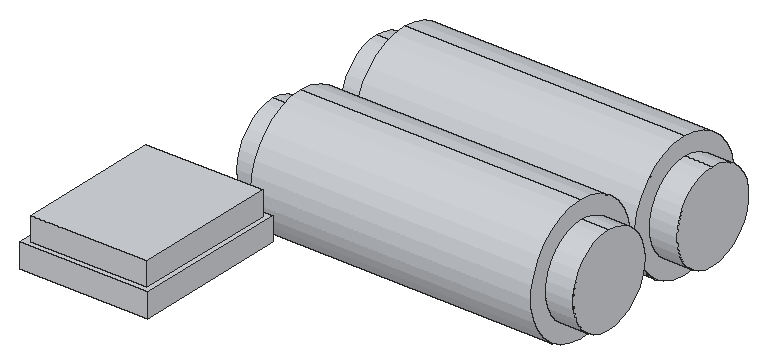
Revit family "SMART box 1  (supply-exhaust-controls)_2", category Příslušenství potrubí, Revit 2018
Family settings
  Kóta kulaté spojky = Použít průměr
  Typ dílu = Zalomí se do
  Číslo OmniClass = 23.75.00.00
  Nadpis OmniClass = Climate Control (HVAC)
  Založené na pracovní rovině = Ne
  Vždy vertikální = Ano
  Ořezat dutým tvarem při načtení = Ne
  Sdílené = Ne
Parameters (values of type "SMART Box 160 / 160")
  Width [instance] = 0.9 mm
  Weight [instance] = 10.00 kg
  URL = ""
  Type [instance] = "SMART Box 160 / 160"
  Total_SFP [instance] = 0
  Supply_outlet_hum [instance] = 0
  Supply_inlet_hum [instance] = 0
  Supply_ext_pressure [instance] = 0.0 Pa
  Supply_SFP [instance] = 0
  Source_adu_file [instance] = ""
  Recuperation_type [instance] = ""
  Recuperation_efficiency_EN308 [instance] = 0
  Project_name [instance] = ""
  Project_date [instance] = "23.8.2023"
  Power_supply_fusing [instance] = "0"
  Power_supply_cable [instance] = "0"
  Position [instance] = "SMART box 1  (supply-exhaust-controls)"
  Phases_count [instance] = 0
  Panel_thickness [instance] = 0.06 mm
  Outer_surface [instance] = "RAL 9002"
  Length [instance] = 0.647 mm
  Insulation_type [instance] = "PUR"
  Insulation_thickness [instance] = 0.05 mm
  Installation_environment [instance] = ""
  Input_power_max [instance] = 0 W
  Inner_surface [instance] = "Pozink"
  Height [instance] = 0.222 mm
  Exhaust_outlet_hum [instance] = 0
  Exhaust_inlet_hum [instance] = 40
  Exhaust_ext_pressure [instance] = 0.0 Pa
  Exhaust_SFP [instance] = 0
  E2 [instance] = 0.0 L/s
  I1 [instance] = 0.0 L/s
  Description = ""
  M1 [instance] = 0.0 L/s
  Device_dutypoint_version [instance] = "0"
  Device_design_version [instance] = "1"
  Device_adu_id [instance] = "2"
  Current_max [instance] = 0 A
  Casing_mat [instance] = "painted zinc layer"
  Cable type [instance] = ""
Reference planes
  plane 1 "Střed (vpředu/vzadu)": y = 0
  plane 2 "ref": z = 0
  plane 3 "Střed (vlevo/vpravo)": x = 0
Forms (mm)
  Sweep 1, solid
    path origin (97, 751, 111) x (0, 0, -1) y (1, 0, 0)
      loop
        line (0, 0) -> (0, 500)
    profile origin (97, 751, 111) x (0, 0, 1) y (0, -1, 0)
      loop
        circle (0, 0) r 111
  Sweep 2, solid
    path origin (97, 751, 111) x (0, 0, -1) y (1, 0, 0)
      loop
        line (0, 0) -> (0, -50)
    profile origin (97, 751, 111) x (0, 0, -1) y (0, -1, 0)
      loop
        circle (0, 0) r 80
  Sweep 3, solid
    path origin (597, 751, 111) x (0, 0, -1) y (1, 0, 0)
      loop
        line (0, 0) -> (0, 50)
    profile origin (597, 751, 111) x (0, 0, 1) y (0, -1, 0)
      loop
        circle (0, 0) r 80
  Sweep 4, solid
    path origin (97, 519, 111) x (0, 0, -1) y (1, 0, 0)
      loop
        line (0, 0) -> (0, 500)
    profile origin (97, 519, 111) x (0, 0, 1) y (0, -1, 0)
      loop
        circle (0, 0) r 111
  Sweep 5, solid
    path origin (97, 519, 111) x (0, 0, -1) y (1, 0, 0)
      loop
        line (0, 0) -> (0, -50)
    profile origin (97, 519, 111) x (0, 0, -1) y (0, -1, 0)
      loop
        circle (0, 0) r 80
  Sweep 6, solid
    path origin (597, 519, 111) x (0, 0, -1) y (1, 0, 0)
      loop
        line (0, 0) -> (0, 50)
    profile origin (597, 519, 111) x (0, 0, 1) y (0, -1, 0)
      loop
        circle (0, 0) r 80
  Sweep 7, solid
    path origin (0, 0, 166) x (0, 0, 1) y (1, 0, 0)
      loop
        line (0, 0) -> (42, 0)
    profile origin (0, 0, 166) x (1, 0, 0) y (0, 1, 0)
      loop
        line (10, 24) -> (218, 24) -> (218, 282) -> (10, 282) -> (10, 24)
  Sweep 8, solid
    path origin (0, 0, 124) x (0, 0, 1) y (1, 0, 0)
      loop
        line (0, 0) -> (42, 0)
    profile origin (0, 0, 124) x (1, 0, 0) y (0, 1, 0)
      loop
        line (0, 14) -> (228, 14) -> (228, 292) -> (0, 292) -> (0, 14)
Lines and regions (mm)
  model lines
    curve 1: line (97, 0, 222) -> (97, 408, 222)
    curve 2: line (97, 408, 222) -> (132, 408, 222)
    curve 3: line (132, 408, 222) -> (132, 0, 222)
    curve 4: line (132, 0, 222) -> (97, 0, 222)
    curve 5: line (97, 0, 207) -> (97, 408, 207)
    curve 6: line (97, 408, 207) -> (132, 408, 207)
    curve 7: line (132, 408, 207) -> (132, 0, 207)
    curve 8: line (132, 0, 207) -> (97, 0, 207)
    curve 9: line (97, 0, 207) -> (97, 0, 222)
    curve 10: line (97, 0, 222) -> (97, 408, 222)
    curve 11: line (97, 408, 222) -> (97, 408, 207)
    curve 12: line (97, 408, 207) -> (97, 0, 207)
    curve 13: line (132, 0, 207) -> (132, 0, 222)
    curve 14: line (132, 0, 222) -> (132, 408, 222)
    curve 15: line (132, 408, 222) -> (132, 408, 207)
    curve 16: line (132, 408, 207) -> (132, 0, 207)
    curve 17: line (97, 408, 222) -> (97, 640, 222)
    curve 18: line (97, 640, 222) -> (132, 640, 222)
    curve 19: line (132, 640, 222) -> (132, 408, 222)
    curve 20: line (132, 408, 222) -> (97, 408, 222)
    curve 21: line (97, 408, 207) -> (97, 640, 207)
    curve 22: line (97, 640, 207) -> (132, 640, 207)
    curve 23: line (132, 640, 207) -> (132, 408, 207)
    curve 24: line (132, 408, 207) -> (97, 408, 207)
    curve 25: line (97, 408, 207) -> (97, 408, 222)
    curve 26: line (97, 408, 222) -> (97, 640, 222)
    curve 27: line (97, 640, 222) -> (97, 640, 207)
    curve 28: line (97, 640, 207) -> (97, 408, 207)
    curve 29: line (132, 408, 207) -> (132, 408, 222)
    curve 30: line (132, 408, 222) -> (132, 640, 222)
    curve 31: line (132, 640, 222) -> (132, 640, 207)
    curve 32: line (132, 640, 207) -> (132, 408, 207)
    curve 33: line (97, 640, 222) -> (97, 900, 222)
    curve 34: line (97, 900, 222) -> (132, 900, 222)
    curve 35: line (132, 900, 222) -> (132, 640, 222)
    curve 36: line (132, 640, 222) -> (97, 640, 222)
    curve 37: line (97, 640, 207) -> (97, 900, 207)
    curve 38: line (97, 900, 207) -> (132, 900, 207)
    curve 39: line (132, 900, 207) -> (132, 640, 207)
    curve 40: line (132, 640, 207) -> (97, 640, 207)
    curve 41: line (97, 640, 207) -> (97, 640, 222)
    curve 42: line (97, 640, 222) -> (97, 900, 222)
    curve 43: line (97, 900, 222) -> (97, 900, 207)
    curve 44: line (97, 900, 207) -> (97, 640, 207)
    curve 45: line (132, 640, 207) -> (132, 640, 222)
    curve 46: line (132, 640, 222) -> (132, 900, 222)
    curve 47: line (132, 900, 222) -> (132, 900, 207)
    curve 48: line (132, 900, 207) -> (132, 640, 207)
    curve 49: line (97, 450, 207) -> (97, 450, 222)
    curve 50: line (97, 450, 222) -> (132, 450, 222)
    curve 51: line (132, 450, 222) -> (132, 450, 207)
    curve 52: line (132, 450, 207) -> (97, 450, 207)
    curve 53: line (97, 900, 207) -> (97, 900, 222)
    curve 54: line (97, 900, 222) -> (132, 900, 222)
    curve 55: line (132, 900, 222) -> (132, 900, 207)
    curve 56: line (132, 900, 207) -> (97, 900, 207)
    curve 57: line (97, 0, 207) -> (97, 0, 222)
    curve 58: line (97, 0, 222) -> (132, 0, 222)
    curve 59: line (132, 0, 222) -> (132, 0, 207)
    curve 60: line (132, 0, 207) -> (97, 0, 207)
    curve 61: line (561, 370, 222) -> (561, 408, 222)
    curve 62: line (561, 408, 222) -> (597, 408, 222)
    curve 63: line (597, 408, 222) -> (597, 370, 222)
    curve 64: line (597, 370, 222) -> (561, 370, 222)
    curve 65: line (561, 370, 207) -> (561, 408, 207)
    curve 66: line (561, 408, 207) -> (597, 408, 207)
    curve 67: line (597, 408, 207) -> (597, 370, 207)
    curve 68: line (597, 370, 207) -> (561, 370, 207)
    curve 69: line (561, 370, 207) -> (561, 370, 222)
    curve 70: line (561, 370, 222) -> (561, 408, 222)
    curve 71: line (561, 408, 222) -> (561, 408, 207)
    curve 72: line (561, 408, 207) -> (561, 370, 207)
    curve 73: line (597, 370, 207) -> (597, 370, 222)
    curve 74: line (597, 370, 222) -> (597, 408, 222)
    curve 75: line (597, 408, 222) -> (597, 408, 207)
    curve 76: line (597, 408, 207) -> (597, 370, 207)
    curve 77: line (561, 408, 222) -> (561, 640, 222)
    curve 78: line (561, 640, 222) -> (597, 640, 222)
    curve 79: line (597, 640, 222) -> (597, 408, 222)
    curve 80: line (597, 408, 222) -> (561, 408, 222)
    curve 81: line (561, 408, 207) -> (561, 640, 207)
    curve 82: line (561, 640, 207) -> (597, 640, 207)
    curve 83: line (597, 640, 207) -> (597, 408, 207)
    curve 84: line (597, 408, 207) -> (561, 408, 207)
    curve 85: line (561, 408, 207) -> (561, 408, 222)
    curve 86: line (561, 408, 222) -> (561, 640, 222)
    curve 87: line (561, 640, 222) -> (561, 640, 207)
    curve 88: line (561, 640, 207) -> (561, 408, 207)
    curve 89: line (597, 408, 207) -> (597, 408, 222)
    curve 90: line (597, 408, 222) -> (597, 640, 222)
    curve 91: line (597, 640, 222) -> (597, 640, 207)
    curve 92: line (597, 640, 207) -> (597, 408, 207)
    curve 93: line (561, 640, 222) -> (561, 900, 222)
    curve 94: line (561, 900, 222) -> (597, 900, 222)
    curve 95: line (597, 900, 222) -> (597, 640, 222)
    curve 96: line (597, 640, 222) -> (561, 640, 222)
    curve 97: line (561, 640, 207) -> (561, 900, 207)
    curve 98: line (561, 900, 207) -> (597, 900, 207)
    curve 99: line (597, 900, 207) -> (597, 640, 207)
    curve 100: line (597, 640, 207) -> (561, 640, 207)
    curve 101: line (561, 640, 207) -> (561, 640, 222)
    curve 102: line (561, 640, 222) -> (561, 900, 222)
    curve 103: line (561, 900, 222) -> (561, 900, 207)
    curve 104: line (561, 900, 207) -> (561, 640, 207)
    curve 105: line (597, 640, 207) -> (597, 640, 222)
    curve 106: line (597, 640, 222) -> (597, 900, 222)
    curve 107: line (597, 900, 222) -> (597, 900, 207)
    curve 108: line (597, 900, 207) -> (597, 640, 207)
    curve 109: line (597, 635, 207) -> (597, 635, 222)
    curve 110: line (597, 635, 222) -> (561, 635, 222)
    curve 111: line (561, 635, 222) -> (561, 635, 207)
    curve 112: line (561, 635, 207) -> (597, 635, 207)
    curve 113: line (597, 900, 207) -> (597, 900, 222)
    curve 114: line (597, 900, 222) -> (561, 900, 222)
    curve 115: line (561, 900, 222) -> (561, 900, 207)
    curve 116: line (561, 900, 207) -> (597, 900, 207)
    curve 117: line (597, 370, 207) -> (597, 370, 222)
    curve 118: line (597, 370, 222) -> (561, 370, 222)
    curve 119: line (561, 370, 222) -> (561, 370, 207)
    curve 120: line (561, 370, 207) -> (597, 370, 207)
    curve 121: line (540, 769, 222) -> (540, 734, 222)
    curve 122: line (540, 734, 222) -> (440, 734, 222)
    curve 123: line (440, 734, 222) -> (440, 707, 222)
    curve 124: line (440, 707, 222) -> (385, 751, 222)
    curve 125: line (385, 751, 222) -> (440, 796, 222)
    curve 126: line (440, 796, 222) -> (440, 769, 222)
    curve 127: line (440, 769, 222) -> (540, 769, 222)
    curve 128: line (153, 501, 222) -> (153, 537, 222)
    curve 129: line (153, 537, 222) -> (254, 537, 222)
    curve 130: line (254, 537, 222) -> (254, 563, 222)
    curve 131: line (254, 563, 222) -> (308, 519, 222)
    curve 132: line (308, 519, 222) -> (254, 475, 222)
    curve 133: line (254, 475, 222) -> (254, 501, 222)
    curve 134: line (254, 501, 222) -> (153, 501, 222)
    curve 135: line (46, 236, 207) -> (23, 136, 207)
    curve 136: line (23, 136, 207) -> (68, 170, 207)
    curve 137: line (68, 170, 207) -> (46, 70, 207)
    curve 138: line (48, 113, 207) -> (46, 70, 207)
    curve 139: line (46, 70, 207) -> (64, 110, 207)
    curve 140: line (218, 178, 166) -> (218, 148, 188)
    curve 141: line (218, 148, 188) -> (218, 158, 143)
    curve 142: line (218, 158, 143) -> (218, 128, 166)
    curve 143: line (218, 141, 163) -> (218, 128, 166)
    curve 144: line (218, 128, 166) -> (218, 140, 147)
    curve 145: line (10, 178, 166) -> (10, 148, 143)
    curve 146: line (10, 148, 143) -> (10, 158, 188)
    curve 147: line (10, 158, 188) -> (10, 128, 166)
    curve 148: line (10, 141, 168) -> (10, 128, 166)
    curve 149: line (10, 128, 166) -> (10, 140, 184)
    curve 150: circle (114, 885, 207) r 4 normal (0, 0, 1)
    curve 151: circle (114, 15, 207) r 4 normal (0, 0, 1)
    curve 152: circle (114, 885, 222) r 4 normal (0, 0, 1)
    curve 153: circle (114, 15, 222) r 4 normal (0, 0, 1)
    curve 154: circle (579, 885, 207) r 4 normal (0, 0, 1)
    curve 155: circle (579, 386, 207) r 4 normal (0, 0, 1)
    curve 156: circle (579, 885, 222) r 4 normal (0, 0, 1)
    curve 157: circle (579, 386, 222) r 4 normal (0, 0, 1)
    curve 158: circle (97, 751, 111) r 111 normal (1, 0, 0)
    curve 159: circle (597, 751, 111) r 111 normal (1, 0, 0)
    curve 160: circle (597, 751, 111) r 80 normal (1, 0, 0)
    curve 161: circle (97, 751, 111) r 80 normal (1, 0, 0)
    curve 162: circle (97, 519, 111) r 111 normal (1, 0, 0)
    curve 163: circle (597, 519, 111) r 111 normal (1, 0, 0)
    curve 164: circle (597, 519, 111) r 80 normal (1, 0, 0)
    curve 165: circle (97, 519, 111) r 80 normal (1, 0, 0)
Dimensions and locks
  aligned and locked: level to plane 2 "ref"
Connectors
  hvac at (47, 751, 111), driven by "E2"
    settings: on Sweep 2, index 1, duct flow 0.0 L/s, flow factor 1, pres drop 0.0 Pa, loss coef 0, conn angle 0.00°, conn width 304.8 mm, conn height 304.8 mm, conn diameter 160 mm, duct sys type 1, conn prof type 0, flow config 2, flow direction 2, loss method 0, conn ref index -1, conn util no, is conn primary yes, conn desc ""
  hvac at (647, 751, 111), driven by "E2"
    settings: on Sweep 3, index 2, duct flow 0.0 L/s, flow factor 0, pres drop 0.0 Pa, loss coef 0, conn angle 0.00°, conn width 304.8 mm, conn height 304.8 mm, conn diameter 160 mm, duct sys type 1, conn prof type 0, flow config 1, flow direction 1, loss method 0, conn ref index -1, conn util no, is conn primary no, conn desc ""
  hvac at (47, 519, 111), driven by "I1"
    settings: on Sweep 5, index 3, duct flow 0.0 L/s, flow factor 1, pres drop 0.0 Pa, loss coef 0, conn angle 0.00°, conn width 304.8 mm, conn height 304.8 mm, conn diameter 160 mm, duct sys type 3, conn prof type 0, flow config 2, flow direction 1, loss method 0, conn ref index -1, conn util no, is conn primary no, conn desc ""
  hvac at (647, 519, 111), driven by "I1"
    settings: on Sweep 6, index 4, duct flow 0.0 L/s, flow factor 0, pres drop 0.0 Pa, loss coef 0, conn angle 0.00°, conn width 304.8 mm, conn height 304.8 mm, conn diameter 160 mm, duct sys type 3, conn prof type 0, flow config 1, flow direction 2, loss method 0, conn ref index -1, conn util no, is conn primary no, conn desc ""
